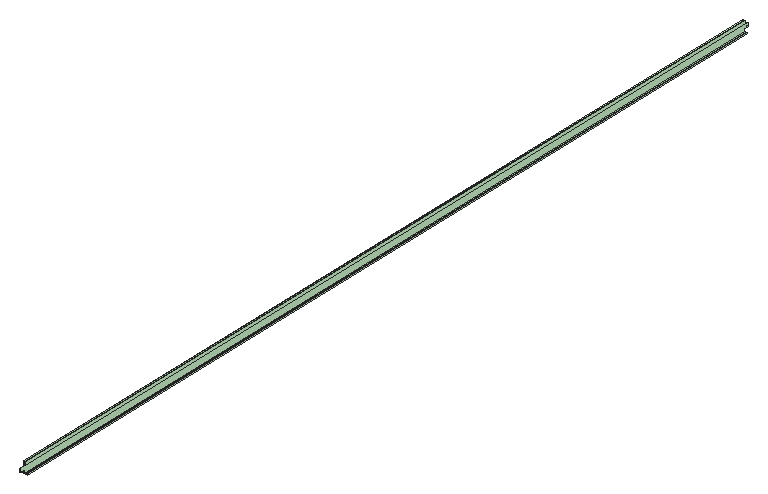
Revit family "et4025_stright", category 機械設備, Revit 2022
Family settings
  丸型コネクタ寸法 = 直径を使用
  種別 = なし
  パーツ タイプ = 標準
  作業面ベース = いいえ
  常に垂直 = はい
  ロード時にボイドで切り取り = いいえ
  注釈の向きを維持 = いいえ
  共有 = いいえ
  部屋計算ポイント = いいえ
Parameters
  製造元 = "株式会社桐井製作所"
  既定の高さ = 0 mm
  URL = "https://www.kirii.co.jp/"
  K_長さ(mm) = 3600 mm
  K_材質 = "溶融亜鉛めっき鋼板及び鋼帯SGCC 一般用　カラー鋼板"
  K_品名 = "eTバー4025ストレート"
  K_名称 = "Tバー"
  K_入数 = "20"
  K_バージョン情報 = "20220915"
  K_めっき付着量 = "JIS G 3302 Z12、カラー鋼板　塗装膜厚20μ(白色)"
  K_JIS規格 = "JIS G 3302"
Reference planes
  plane 1 "中心(正面/背面)": y = 0
  plane 2: z = 0
  plane 3 "中心(左/右)": x = 0
  plane 4: y = 3600
Forms (mm)
  Extrusion 1, solid
    sketch origin (0, 0, 7.1) x (-1, 0, 0) y (0, 0, 1)
      loop
        line (0.65, 26.539) -> (2.4, 25.702) -> (2.4, 24.9) -> (3.5, 24.9) -> (3.5, 34.9) -> (1.351, 34.9) -> (1.351, 33.4) -> (2.203, 33.4) -> (2.141, 29.141) -> (1.059, 28.059) -> (-0.917, 28) -> (-2.141, 29.141) -> (-2.203, 33.4) -> (-1.351, 33.4) -> (-1.351, 34.9) -> (-3.5, 34.9) -> (-3.5, 24.9) -> (-2.4, 24.9) -> (-2.4, 25.702) -> (-0.65, 26.518) -> (-0.65, -5.4) -> (-2.488, -5.4) -> (-2.488, -4.6) -> (-3.5, -4.6) -> (-3.5, -5.9) -> (-8.5, -5.9) -> (-8.5, -5.1) -> (-12.5, -5.1) -> (-12.5, -7.1) -> (12.5, -7.1) -> (12.5, -5.1) -> (8.5, -5.1) -> (8.5, -5.9) -> (3.5, -5.9) -> (3.5, -4.6) -> (2.4, -4.6) -> (2.4, -5.4) -> (0.65, -5.4) -> (0.65, 26.539)
    from 0 to 3600
  Extrusion 2, solid
    sketch origin (0.65, 0, 30.6) x (0, 0, -1) y (0, 1, 0)
      loop
        line (3.661, 0) -> (3.661, -19.4)
        arc (3.661, -19.4) -> (3.954, -20.107) -> (4.661, -20.4) r 1
        line (4.661, -20.4) -> (16.783, -20.4)
        arc (16.783, -20.4) -> (17.49, -20.107) -> (17.783, -19.4) r 1
        line (17.783, -19.4) -> (17.783, 0) -> (17.783, 21.201) -> (3.661, 21.201) -> (3.661, 0)
    from -1.3 to 0
  Extrusion 3, void
    sketch origin (0.65, 0, 38.1) x (0, 0, 1) y (0, 1, 0)
      loop
        line (-17.561, -16.4) -> (-17.561, -9.2) -> (-22.361, -9.2) -> (-22.361, -16.4) -> (-17.561, -16.4)
    from 0 to 1.6
  Extrusion 4, solid
    sketch origin (0.65, 3600, 30.6) x (0, 0, -1) y (0, 1, 0)
      loop
        line (3.661, 0) -> (3.661, -21.201) -> (17.783, -21.201) -> (17.783, 0) -> (17.783, 19.4)
        arc (17.783, 19.4) -> (17.49, 20.107) -> (16.783, 20.4) r 1
        line (16.783, 20.4) -> (4.661, 20.4)
        arc (4.661, 20.4) -> (3.954, 20.107) -> (3.661, 19.4) r 1
        line (3.661, 19.4) -> (3.661, 0)
    from -0.8 to 0
  Extrusion 5, void
    sketch origin (0.65, 3600, 38.1) x (0, 0, 1) y (0, 1, 0)
      loop
        line (-17.561, 16.4) -> (-22.361, 16.4) -> (-22.361, 9.2) -> (-17.561, 9.2) -> (-17.561, 16.4)
    from 0 to 0.8
Cuts and joins
  Extrusion 3, Extrusion 5 cuts Extrusion 1
  Extrusion 3, Extrusion 5 cuts Extrusion 2
  Extrusion 5 cuts Extrusion 4
  joined: Extrusion 1, Extrusion 2, Extrusion 4
Dimensions and locks
  plane 4 to plane 1 "中心(正面/背面)" = 3600 mm
  aligned and locked: level to plane 2
  aligned and locked: plane 4 to Extrusion 1
